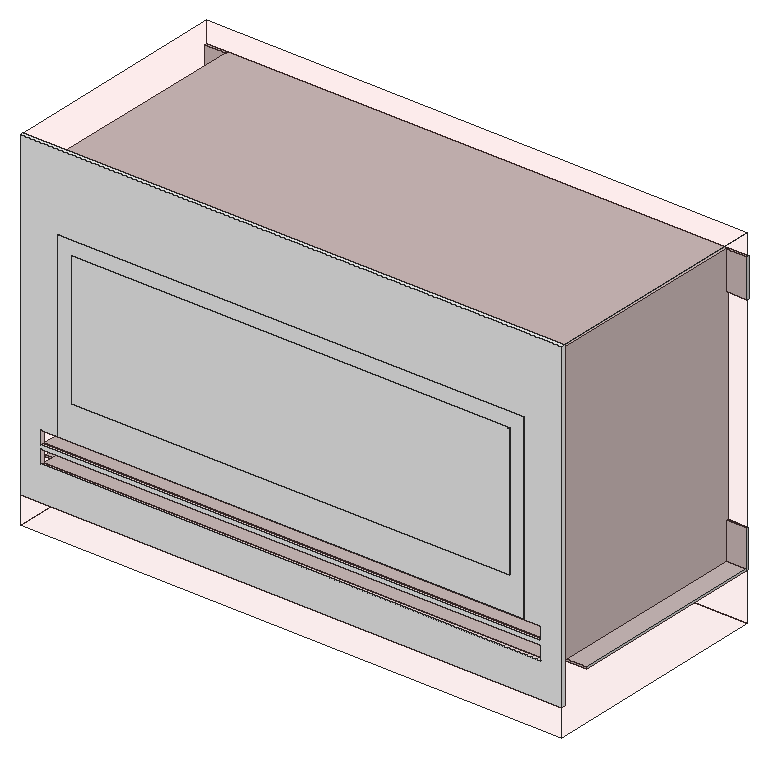
Revit family "Air-Curtain_Customer-Entry_PoweredAire_CLD-CHD", category Mechanical Equipment, host Face, Revit 2024
Family settings
  Host = Face
  Round Connector Dimension = Use Diameter
  Part Type = Normal
  OmniClass Number = 23.75.35.17.21
  OmniClass Title = Air Curtains
  Cut with Voids When Loaded = No
  Maintain Annotation Orientation = No
  Shared = No
  Room Calculation Point = No
Parameters
  Warranty Duration (Years) = 0
  Unit Width Notes = "Other Widths available."  # constant formula
  Unit Width = 3' - 3"
  Unit Weight = 0
  Unit Height = 1' - 4 3/4"
  Unit Depth = 1' - 11 1/4"
  URL = "http://www.poweredaire.com/"
  Test Data = ""
  Temperature Rise_Range = "as Specified"
  Standards Conformance = "as Specified"
  Specification = "http://www.arcat.com/sdspecs/htm04/23_34_33pai.htm"
  SpecWizard = ""
  Sound Pressure = "as Specified"
  Sales Information = "http://www.poweredaire.com/contact_us"
  Revision = "R1_2016-08"
  Projection from Host [instance] = 0' - 2"
  Product Properties = ""
  Product Data = "http://www.arcat.com/arcatcos/cos47/arc47623.html"
  Power Rating = 0 W
  Outlet Volume_Range = "as Specified"
  Outlet Velocity_Range = "as Specified"
  Nozzle Width = if(1 = 1, Unit Width - 0' 3", 0' 0")  # 3' - 0"
  Mounting Width = if(1 = 1, Unit Width - 0' 1 1/2", 0' 0")  # 3' - 1 1/2"
  Mounting Height [instance] = 3' - 6"
  Motor RPM = 0
  Motor HP = 0
  Motor Count = 0
  Model = "As Specified"
  Max Height = 0' - 0"
  Manufacturer Website = "http://www.poweredaire.com/"
  Manufacturer Phone - Toll Free = "888-321-2473"
  Manufacturer Phone = "724-588-3305"
  Manufacturer Fax = "724-588-3371"
  Manufacturer Address = "109 Mortensen Rd.  Greenville, PA 16125"
  Manufacturer = "Powered Aire, Inc"
  Maintenance Schedule (Months) = 0
  Keynote = "23 34 33"
  Installation-Fabrication = ""
  Installation Phase = ""
  Include Clearance [instance] = yes
  Heating Element Load = 0 W
  HVAC_Temperature Rise [instance] = 0 °F
  HVAC_Outlet Volume [instance] = 0 CFM
  HVAC_Outlet Velocity Uniformity = 0
  HVAC_Outlet Velocity [instance] = 0 FPM
  Green Building-LEED = "http://www.arcat.com/green/clients/leed_data_47623.html"
  Front Grating Material [instance] = Metal - Steel - PoweredAire - White Perforated
  Frame Finish [instance] = Metal - Steel - PoweredAire - Stainless 304
  Expected Lifespan (Years) = 0
  Electrical_Wattage [instance] = Power Rating + Heating Element Load  # 0 W
  Electrical_Voltage [instance] = 0 V
  Electrical_Phase [instance] = 1
  Electrical_Frequency [instance] = 0 Hz
  Electrical_Amperage [instance] = 0 A
  Drawn By = "Sumex Design, Inc. / Robert S. Weygant, CSI, CDT, SCIP"
  Description = "Powered Aire Air Curtain as Specified"
  Default Elevation = 0' - 0"  # constant formula
  Cover Finish [instance] = Metal - Steel - PoweredAire - White
  Copyright = "©Arcat Inc."
  Construction Details = "http://www.arcat.com/details/powair/prod3336.html"
  Clearance_Top [instance] = 0' - 0"
  Clearance_Side B [instance] = 0' - 0"
  Clearance_Side A [instance] = 0' - 0"
  Clearance_Intake [instance] = 0' - 0"
  Clearance_Front [instance] = 0' - 0"
  Clearance Material [instance] = ARCAT Clearance
  Building Codes = ""
  Available Options [instance] = "as Specified"
  Assembly Code = "D3090400"
Reference planes (in)
  plane 1 "Center (Elevation)": y = 8.51318
  plane 2: z = 0
  plane 3 "Center (Left/Right)": x = 0
  plane 4: y = 16.88818
  plane 5: y = 0.13818
  plane 6: x = -19.5
  plane 7: x = 19.5
  plane 8: z = 25.25
  plane 9 "FF": y = -41.86182
  plane 10: z = 2
  plane 11: x = 18
  plane 12: x = -18
  plane 13: y = 16.88818
  plane 14: y = 0.13818
  plane 15: x = -19.5
  plane 16: x = 19.5
  plane 17: z = 25.25
  plane 18: y = 0.38818
Forms (in)
  Extrusion 1, solid, material "ARCAT Clearance" <- "Clearance Material", visible <- "Include Clearance"
    sketch origin (0, 0, 0) x (0, 1, 0) y (0, 0, 1)
      loop
        line (0.13818, 25.25) -> (0.13818, 0) -> (16.88818, 0) -> (16.88818, 25.25) -> (0.13818, 25.25)
    from -19.5 to 19.5
  Extrusion 2, solid, material "Metal - Steel - PoweredAire - White" <- "Cover Finish"
    sketch origin (0, 8.51318, 0) x (1, 0, 0) y (0, 0, 1)
      loop
        line (-19.5, 25.25) -> (-19.5, 2) -> (19.5, 2) -> (19.5, 25.25) -> (-19.5, 25.25)
    from 8.125 to 8.375
  Extrusion 3, solid, material "Metal - Steel - PoweredAire - Stainless 304" <- "Frame Finish"
    sketch origin (0, 8.51318, 0) x (1, 0, 0) y (0, 0, 1)
      loop
        line (18, 23.75) -> (-18, 23.75) -> (-18, 3.5) -> (18, 3.5) -> (18, 23.75)
    from -8.375 to 8.125
  Extrusion 4, void
    sketch origin (0, 0, 0) x (0, 1, 0) y (0, 0, 1)
      loop
        line (0.13818, 5.5) -> (0.13818, 4.5) -> (1.88818, 4.5) -> (1.88818, 6.75) -> (0.13818, 6.75) -> (0.13818, 5.75) -> (1.63818, 5.75) -> (1.63818, 5.5) -> (0.13818, 5.5)
    from -18 to 18
  Extrusion 5, solid, material "Metal - Steel - PoweredAire - White" <- "Cover Finish"
    sketch origin (-11.83813, 0.13818, 48) x (-1, 0, 0) y (0, 0, 1)
      loop
        line (4.91187, -41.25) -> (4.91187, -28.25) -> (-28.58813, -28.25) -> (-28.58813, -41.25) -> (4.91187, -41.25)
    from 0 to -0.03125
  Extrusion 6, solid, material "Metal - Steel - PoweredAire - White Perforated" <- "Front Grating Material"
    sketch origin (-11.83813, 0.10693, 48) x (1, 0, 0) y (0, 0, 1)
      loop
        line (-3.91187, -29.25) -> (-3.91187, -38.75) -> (27.58813, -38.75) -> (27.58813, -29.25) -> (-3.91187, -29.25)
    from 0 to 0.03125
  Extrusion 7, solid, material "Metal - Steel - PoweredAire - Stainless 304" <- "Frame Finish"
    sketch origin (-15.17702, -180, 2) x (-1, 0, 0) y (0, -1, 0)
      loop
        line (-33.17702, -196.88818) -> (-33.17702, -182.38818) -> (-34.67702, -182.38818) -> (-34.67702, -196.88818) -> (-33.17702, -196.88818)
      loop
        line (2.82298, -196.88818) -> (4.32298, -196.88818) -> (4.32298, -182.38818) -> (2.82298, -182.38818) -> (2.82298, -196.88818)
    from 1.5 to 1.625
  Extrusion 8, solid, material "Metal - Steel - PoweredAire - Stainless 304" <- "Frame Finish"
    sketch origin (-11.83813, 16.88818, 48) x (-1, 0, 0) y (0, 0, 1)
      loop
        line (7.66187, -44.5) -> (7.66187, -41.75) -> (6.16187, -41.75) -> (6.16187, -44.5) -> (7.66187, -44.5)
      loop
        line (-31.33813, -44.5) -> (-29.83813, -44.5) -> (-29.83813, -41.75) -> (-31.33813, -41.75) -> (-31.33813, -44.5)
      loop
        line (7.66187, -27) -> (7.66187, -24.25) -> (6.16187, -24.25) -> (6.16187, -27) -> (7.66187, -27)
      loop
        line (-31.33813, -27) -> (-29.83813, -27) -> (-29.83813, -24.25) -> (-31.33813, -24.25) -> (-31.33813, -27)
    from 0 to -0.125
Cuts and joins
  Extrusion 4 cuts Extrusion 2
  Extrusion 4 cuts Extrusion 3
Dimensions and locks (in)
  equal spacing: plane 4, plane 1 "Center (Elevation)", plane 5
  "Unit Height": plane 4 to plane 5
  equal spacing: plane 6, plane 3 "Center (Left/Right)", plane 7
  "Unit Width": plane 6 to plane 7
  "Mounting Height": plane 5 to plane 9 "FF"
  "Projection from Host": plane 10 to level
  "Unit Depth": plane 8 to plane 10
  locked: plane 6 to plane 12 at 1.5
  locked: plane 11 to plane 7 at 1.5
  "Clearance_Side A": plane 7 to plane 16
  "Clearance_Side B": plane 15 to plane 6
  "Clearance_Top": plane 13 to plane 4
  "Clearance_Intake": plane 5 to plane 14
  "Clearance_Front": plane 17 to plane 8
  locked: plane 8 to Extrusion 3 sketch curve at 1.5
  locked: Extrusion 3 sketch curve to plane 10 at 1.5
  locked: plane 7 to Extrusion 3 sketch curve at 1.5
  locked: Extrusion 3 sketch curve to plane 6 at 1.5
  locked: plane 18 to plane 5 at 0.25
  Extrusion 4 sketch curve to Extrusion 4 sketch curve to Extrusion 4 sketch curve to Extrusion 4 sketch curve to plane 10 = 0' - 1" locked, 0' - 0 1/4" locked, 0' - 1" locked, 0' - 2 1/2" locked
  Extrusion 5 sketch curve to Extrusion 5 sketch curve to plane 10 = 1' - 1" locked, 0' - 4 3/4" locked
  locked: plane 11 to Extrusion 5 sketch curve at 1.25
  locked: Extrusion 5 sketch curve to plane 12 at 1.25
  Extrusion 6 sketch curve to Extrusion 6 sketch curve to plane 10 = 0' - 9 1/2" locked, 0' - 7 1/4" locked
  locked: Extrusion 6 sketch curve to plane 12 at 2.25
  locked: plane 11 to Extrusion 6 sketch curve at 2.25
  locked: plane 4 to Extrusion 7 sketch curve at 14.5  (x2)
  Extrusion 8 sketch curve to Extrusion 8 sketch curve to Extrusion 8 sketch curve to Extrusion 8 sketch curve to plane 10 = 0' - 2 3/4" locked, 1' - 2 3/4" locked, 0' - 2 3/4" locked, 0' - 1 1/2" locked  (x2)
  aligned and locked: plane 2 to host face
  aligned and locked: level to host face
  aligned and locked: Extrusion 1 sketch curve to plane 17
  aligned and locked: plane 14 to Extrusion 1 sketch curve
  aligned and locked: level to Extrusion 1 sketch curve
  aligned and locked: Extrusion 1 sketch curve to plane 13
  aligned and locked: plane 16 to Extrusion 1
  aligned and locked: Extrusion 1 to plane 15
  aligned and locked: Extrusion 2 sketch curve to plane 8
  aligned and locked: plane 6 to Extrusion 2 sketch curve
  aligned and locked: Extrusion 2 sketch curve to plane 10
  aligned and locked: Extrusion 2 sketch curve to plane 7
  aligned and locked: Extrusion 3 to plane 4
  aligned and locked: Extrusion 3 to plane 18
  aligned and locked: Extrusion 2 to plane 18
  aligned and locked: Extrusion 2 to plane 5
  aligned and locked: plane 11 to Extrusion 4
  aligned and locked: Extrusion 4 to plane 12
  aligned and locked: Extrusion 7 sketch curve to plane 4  (x2)
Automatic sketch dimensions
  host sketch curve to host sketch curve = 8' - 0"  (x2)
  Extrusion 4 sketch curve to plane 5 = 0' - 0"  (x2)
  plane 18 to Extrusion 4 sketch curve = 0' - 1 1/4"
  Extrusion 4 sketch curve to Extrusion 4 sketch curve = 0' - 0 1/4"
  Extrusion 7 sketch curve to plane 7 = 0' - 0"
  Extrusion 7 sketch curve to plane 11 = 0' - 0"
  Extrusion 7 sketch curve to plane 12 = 0' - 0"
  Extrusion 7 sketch curve to plane 6 = 0' - 0"
  Extrusion 8 sketch curve to plane 7 = 0' - 0"  (x2)
  Extrusion 8 sketch curve to plane 11 = 0' - 0"  (x2)
  Extrusion 8 sketch curve to plane 12 = 0' - 0"  (x2)
  Extrusion 8 sketch curve to plane 6 = 0' - 0"  (x2)
Connectors (in)
  electrical at (-18, 4.88818, 9.625), driven by "Electrical_Voltage", driven by "Electrical_Phase"
    settings: on cut or joined group of Extrusion 3, Extrusion 4, index 1, voltage 0 V, apparent load 0 VA, apparent load phase1 0 VA, apparent load phase2 0 VA, apparent load phase3 0 VA, power factor 1, load classification "Other", number of poles 1, system type 31, power factor state 1, is connector primary yes, connector utility no, sub classification motor no, connector description ""
